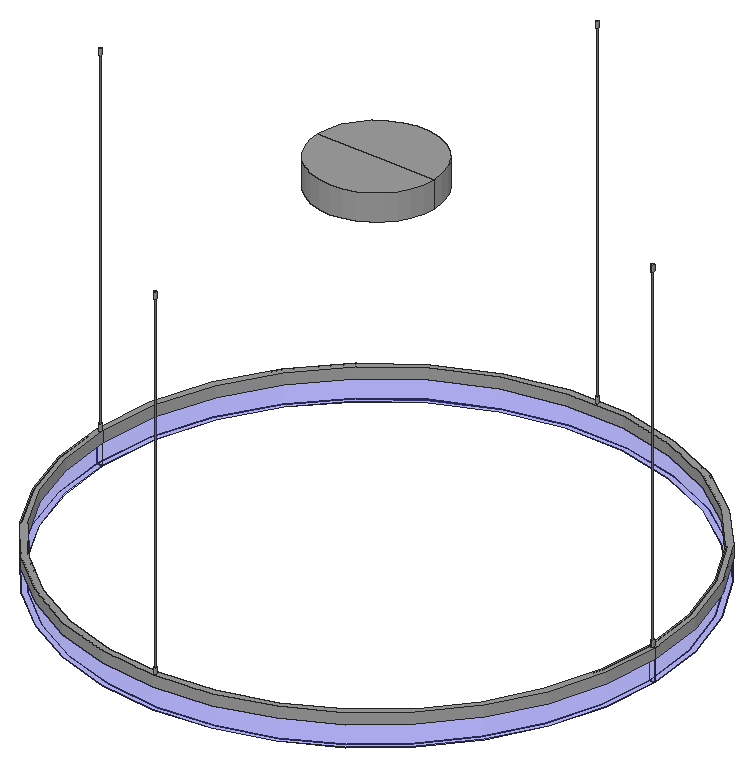
Revit family "Alcon-12272-1-48-Revit-Family", category Generic Models, host Ceiling, Revit 2025
Family settings
  Host = Ceiling
  Can host rebar = No
  Round Connector Dimension = Use Diameter
  Part Type = Normal
  Always vertical = Yes
  Cut with Voids When Loaded = No
  Maintain Annotation Orientation = No
  Shared = No
  Room Calculation Point = No
Parameters
  URL = "https://www.alconlighting.com/?srsltid=AfmBOooDPhGQ0dEP-X2PMtxFfvvWpIAEL4jCll_O2F4_to5onvhnBomy"
  Product Page = "https://www.alconlighting.com/redondo-12272-1.html"
  Model = "12272-1-32"
  Manufacturer = "Alcon Lighting"
  Lens = Glass
  Housing = Default
  Default Elevation = 0' - 0"
Reference planes (in)
  plane 1 "Center (Front/Back)": y = 0
  plane 2 "Ceiling": z = 96
  plane 3 "Center (Left/Right)": x = 0
Forms (in)
  Revolve 1, solid, material "Default" <- "Housing"
    sketch origin (0, 0, 0) x (1, 0, 0) y (0, 0, 1)
      loop
        line (0, 96) -> (0, 93.75) -> (5, 93.75) -> (5, 96) -> (0, 96)
      axis (0, 96) -> (0, 93.75)
    angle from 0 to 360
  Revolve 2, solid, material "Default" <- "Housing"
    sketch origin (0, 0, 0) x (1, 0, 0) y (0, 0, 1)
      loop
        line (23.5, 66.65) -> (23.5, 65.72813) -> (23.5625, 65.72813) -> (23.5625, 66.5875) -> (23.9375, 66.5875) -> (23.9375, 65.72813) -> (24, 65.72813) -> (24, 66.65) -> (23.5, 66.65)
      axis (0, 65.72813) -> (0, 66.65)
    angle from 0 to 360
  Revolve 3, solid, material "Glass" <- "Lens"
    sketch origin (0, 0, 0) x (1, 0, 0) y (0, 0, 1)
      loop
        line (23.5, 63.89) -> (24, 63.89) -> (24, 65.72813) -> (23.96875, 65.72813) -> (23.96875, 63.92125) -> (23.53125, 63.92125) -> (23.53125, 65.72813) -> (23.5, 65.72813) -> (23.5, 63.89)
      axis (0, 63.89) -> (0, 65.72813)
    angle from 0 to 360
  Revolve 4, solid, material "Default" <- "Housing"
    sketch origin (0, -36.29728, 0) x (0, 1, 0) y (0, 0, 1)
      loop
        line (12.55011, 66.65) -> (12.67511, 66.65) -> (12.67511, 67.1208) -> (12.55011, 67.1208) -> (12.55011, 66.65)
      axis (12.55011, 67.1208) -> (12.55011, 66.65)
    angle from 0 to 360
  Extrusion 5, solid, material "Default" <- "Housing"
    sketch origin (0, -23.74728, 92.90344) x (0, 1, 0) y (1, 0, 0)
      loop
        circle (0, 0) r 0.04922
    from -2.62576 to 25.78265
  Revolve 6, solid, material "Default" <- "Housing"
    sketch origin (0, -36.29728, 28.8792) x (0, 1, 0) y (0, 0, 1)
      loop
        line (12.55011, 66.65) -> (12.67511, 66.65) -> (12.67511, 67.1208) -> (12.55011, 67.1208) -> (12.55011, 66.65)
      axis (12.55011, 67.1208) -> (12.55011, 66.65)
    angle from 0 to 360
  Revolve 7, solid, material "Default" <- "Housing"
    sketch origin (0, 11.19587, 0) x (0, 1, 0) y (0, 0, 1)
      loop
        line (12.55011, 66.65) -> (12.67511, 66.65) -> (12.67511, 67.1208) -> (12.55011, 67.1208) -> (12.55011, 66.65)
      axis (12.55011, 67.1208) -> (12.55011, 66.65)
    angle from 0 to 360
  Extrusion 8, solid, material "Default" <- "Housing"
    sketch origin (0, 23.74587, 92.90344) x (0, 1, 0) y (1, 0, 0)
      loop
        circle (0, 0) r 0.04922
    from -2.62576 to 25.78265
  Revolve 9, solid, material "Default" <- "Housing"
    sketch origin (0, 11.19587, 28.8792) x (0, 1, 0) y (0, 0, 1)
      loop
        line (12.55011, 66.65) -> (12.67511, 66.65) -> (12.67511, 67.1208) -> (12.55011, 67.1208) -> (12.55011, 66.65)
      axis (12.55011, 67.1208) -> (12.55011, 66.65)
    angle from 0 to 360
  Revolve 10, solid, material "Default" <- "Housing"
    sketch origin (23.73156, -12.55011, 0) x (0, 1, 0) y (0, 0, 1)
      loop
        line (12.55011, 66.65) -> (12.67511, 66.65) -> (12.67511, 67.1208) -> (12.55011, 67.1208) -> (12.55011, 66.65)
      axis (12.55011, 67.1208) -> (12.55011, 66.65)
    angle from 0 to 360
  Extrusion 11, solid, material "Default" <- "Housing"
    sketch origin (23.73156, -0.00011, 92.90344) x (0, 1, 0) y (1, 0, 0)
      loop
        circle (0, 0) r 0.04922
    from -2.62576 to 25.78265
  Revolve 12, solid, material "Default" <- "Housing"
    sketch origin (23.73156, -12.55011, 28.8792) x (0, 1, 0) y (0, 0, 1)
      loop
        line (12.55011, 66.65) -> (12.67511, 66.65) -> (12.67511, 67.1208) -> (12.55011, 67.1208) -> (12.55011, 66.65)
      axis (12.55011, 67.1208) -> (12.55011, 66.65)
    angle from 0 to 360
  Revolve 13, solid, material "Default" <- "Housing"
    sketch origin (-23.71542, -12.55011, 0) x (0, 1, 0) y (0, 0, 1)
      loop
        line (12.55011, 66.65) -> (12.67511, 66.65) -> (12.67511, 67.1208) -> (12.55011, 67.1208) -> (12.55011, 66.65)
      axis (12.55011, 67.1208) -> (12.55011, 66.65)
    angle from 0 to 360
  Extrusion 14, solid, material "Default" <- "Housing"
    sketch origin (-23.71542, -0.00011, 92.90344) x (0, 1, 0) y (1, 0, 0)
      loop
        circle (0, 0) r 0.04922
    from -2.62576 to 25.78265
  Revolve 15, solid, material "Default" <- "Housing"
    sketch origin (-23.71542, -12.55011, 28.8792) x (0, 1, 0) y (0, 0, 1)
      loop
        line (12.55011, 66.65) -> (12.67511, 66.65) -> (12.67511, 67.1208) -> (12.55011, 67.1208) -> (12.55011, 66.65)
      axis (12.55011, 67.1208) -> (12.55011, 66.65)
    angle from 0 to 360
  Revolve 16, solid, material "Default" <- "Housing"
    sketch origin (-23.71542, -12.55011, 0) x (0, 1, 0) y (0, 0, 1)
      loop
        line (12.55011, 66.65) -> (12.67511, 66.65) -> (12.67511, 67.1208) -> (12.55011, 67.1208) -> (12.55011, 66.65)
      axis (12.55011, 67.1208) -> (12.55011, 66.65)
    angle from 0 to 360
  Extrusion 17, solid, material "Default" <- "Housing"
    sketch origin (-23.71542, -0.00011, 92.90344) x (0, 1, 0) y (1, 0, 0)
      loop
        circle (0, 0) r 0.04922
    from -2.62576 to 25.78265
  Revolve 18, solid, material "Default" <- "Housing"
    sketch origin (-23.71542, -12.55011, 28.8792) x (0, 1, 0) y (0, 0, 1)
      loop
        line (12.55011, 66.65) -> (12.67511, 66.65) -> (12.67511, 67.1208) -> (12.55011, 67.1208) -> (12.55011, 66.65)
      axis (12.55011, 67.1208) -> (12.55011, 66.65)
    angle from 0 to 360
Dimensions and locks (in)
  equal spacing: host sketch curve, plane 3 "Center (Left/Right)", host sketch curve
  equal spacing: host sketch curve, plane 1 "Center (Front/Back)", host sketch curve
  host sketch curve to host sketch curve = 10' - 0"  (x2)
  aligned and locked: Extrusion 5 to Revolve 4
  aligned and locked: Revolve 6 to Extrusion 5
  aligned and locked: Extrusion 8 to Revolve 7
  aligned and locked: Revolve 9 to Extrusion 8
  aligned and locked: Extrusion 11 to Revolve 10
  aligned and locked: Revolve 12 to Extrusion 11
  aligned and locked: Extrusion 14 to Revolve 13
  aligned and locked: Extrusion 17 to Revolve 16
  aligned and locked: Revolve 2 to Revolve 4
  aligned and locked: Revolve 10 to Revolve 2
  aligned and locked: Revolve 2 to Revolve 7
  aligned and locked: Revolve 2 to Revolve 16
